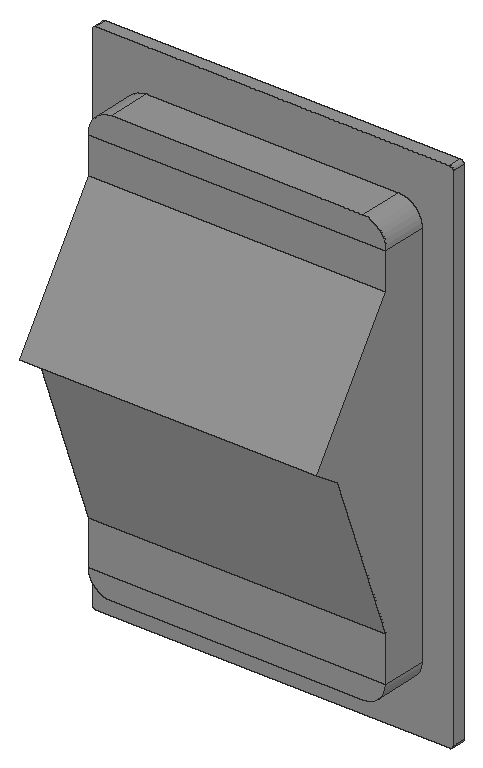
Revit family "L&L_LUCE&LIGHT_PASITO_MINI_1.1", category Lighting Fixtures, host Wall, Revit 2018 (continued)
Parameters (values of type "PASITO_MINI_1.1 – 60°")
    .29 9.02 8.75 8.50 8.29 8.13 7.98 \r\n7.83 7.65 7.45 7.28 7.12 6.98 6.81 6.62 6.45 6.28 6.12 \r\n5.95 5.77 5.61 5.45 5.28 5.11 4.94 4.79 4.62 4.46 4.31 \r\n4.15 3.98 3.83 3.66 3.51 3.36 3.21 3.06 2.92 2.78 2.64 \r\n2.49 2.36 2.24 2.11 1.98 1.85 1.73 1.61 1.49 1.37 1.26 \r\n1.16 1.06 0.96 0.86 0.77 0.68 0.60 0.51 0.43 0.35 0.27 \r\n0.20 0.13 0.06 0.02 0.02 \r\n0.01 0.07 0.33 0.85 1.33 1.59 2.00 2.72 3.61 4.70 6.13 \r\n7.90 9.72 11.86 14.65 17.90 21.69 26.22 31.29 36.88 42.92 \r\n48.75 53.54 56.97 59.28 61.23 63.09 64.94 66.56 68.08 \r\n69.76 71.37 72.83 74.07 75.32 76.66 77.80 78.78 79.76 \r\n80.67 81.43 82.06 82.64 83.10 83.46 83.74 83.80 83.77 \r\n83.78 83.74 83.50 83.00 82.36 81.66 80.90 80.08 79.20 \r\n78.23 77.16 76.00 74.73 73.30 71.76 70.19 68.58 66.88 \r\n65.09 63.23 61.27 59.21 57.03 54.72 52.31 49.82 47.23 \r\n44.57 41.89 39.25 36.68 34.24 31.96 29.88 27.98 26.27 \r\n24.72 23.34 22.09 20.97 19.96 19.04 18.21 17.45 16.74 \r\n16.08 15.44 14.82 14.23 13.67 13.15 12.67 12.22 11.81 \r\n11.42 11.06 10.73 10.42 10.15 9.90 9.68 9.48 9.29 9.10 \r\n8.89 8.65 8.38 8.12 7.89 7.71 7.57 7.43 7.27 7.10 6.94 \r\n6.80 6.66 6.51 6.34 6.18 6.04 5.89 5.73 5.55 5.40 5.27 \r\n5.11 4.94 4.80 4.65 4.49 4.35 4.20 4.05 3.90 3.76 3.61 \r\n3.47 3.34 3.19 3.05 2.92 2.78 2.65 2.53 2.40 2.27 2.15 \r\n2.03 1.91 1.80 1.68 1.58 1.46 1.35 1.25 1.15 1.06 0.96 \r\n0.87 0.79 0.70 0.62 0.55 0.47 0.39 0.32 0.25 0.18 0.11 \r\n0.05 0.02 0.02 \r\n0.01 0.07 0.27 0.73 1.20 1.50 1.76 2.25 2.98 3.80 4.83 \r\n6.14 7.76 9.45 11.30 13.74 16.57 19.71 23.54 27.96 32.63 \r\n37.73 42.90 47.67 51.58 54.44 56.50 57.94 59.13 60.32 \r\n61.44 62.46 63.53 64.62 65.53 66.24 66.88 67.61 68.34 \r\n68.91 69.26 69.49 69.70 69.89 70.06 70.14 70.07 69.88 \r\n69.64 69.36 68.99 68.47 67.83 67.15 66.46 65.72 64.89 \r\n63.96 62.95 61.87 60.72 59.53 58.31 57.04 55.69 54.34 \r\n52.96 51.47 49.94 48.40 46.82 45.18 43.49 41.77 40.01 \r\n38.20 36.34 34.46 32.60 30.77 29.01 27.33 25.75 24.28 \r\n22.94 21.71 20.58 19.55 18.61 17.75 16.96 16.24 15.57 \r\n14.93 14.32 13.73 13.16 12.62 12.11 11.64 11.20 10.79 \r\n10.41 10.06 9.74 9.45 9.18 8.95 8.73 8.52 8.30 8.06 7.82 \r\n7.57 7.35 7.17 7.04 6.93 6.80 6.65 6.50 6.36 6.24 6.10 \r\n5.94 5.80 5.67 5.54 5.38 5.23 5.10 4.98 4.83 4.69 4.55 \r\n4.42 4.28 4.15 4.02 3.88 3.74 3.61 3.48 3.35 3.21 3.09 \r\n2.97 2.84 2.72 2.59 2.48 2.37 2.25 2.13 2.03 1.92 1.81 \r\n1.70 1.60 1.50 1.40 1.30 1.21 1.12 1.03 0.95 0.86 0.78 \r\n0.71 0.63 0.56 0.49 0.42 0.36 0.29 0.23 0.16 0.10 0.04 \r\n0.02 0.02 \r\n0.01 0.06 0.21 0.59 1.03 1.37 1.58 1.85 2.36 3.01 3.75 \r\n4.66 5.77 7.15 8.67 10.26 12.20 14.54 17.09 19.96 23.38 \r\n27.18 31.34 35.82 40.02 43.76 47.10 49.82 51.81 52.93 \r\n53.29 53.70 54.47 55.21 55.70 56.06 56.38 56.65 56.97 \r\n57.33 57.61 57.64 57.47 57.33 57.25 57.13 56.94 56.63 \r\n56.21 55.76 55.32 54.85 54.31 53.68 53.00 52.27 51.49 \r\n50.72 49.95 49.14 48.27 47.35 46.37 45.36 44.35 43.37 \r\n42.37 41.32 40.20 39.05 37.92 36.79 35.65 34.45 33.22 \r\n31.93 30.63 29.34 28.03 26.72 25.42 24.15 22.90 21.70 \r\n20.57 19.50 18.51 17.60 16.76 15.98 15.27 14.61 14.00 \r\n13.42 12.87 12.33 11.81 11.32 10.84 10.40 9.98 9.59 9.23 \r\n8.90 8.60 8.31 8.04 7.78 7.53 7.28 7.06 6.85 6.67 6.52 \r\n6.40 6.29 6.18 6.06 5.93 5.82 5.69 5.56 5.43 5.31 5.19 \r\n5.06 4.94 4.82 4.70 4.58 4.45 4.33 4.22 4.10 3.98 3.86 \r\n3.74 3.62 3.50 3.38 3.26 3.14 3.03 2.92 2.81 2.69 2.59 \r\n2.49 2.39 2.28 2.18 2.07 1.98 1.88 1.78 1.67 1.58 1.50 \r\n1.40 1.32 1.23 1.15 1.07 0.99 0.91 0.83 0.76 0.69 0.62 \r\n0.55 0.49 0.43 0.37 0.32 0.26 0.20 0.14 0.08 0.04 0.02 \r\n0.02 \r\n0.01 0.06 0.15 0.44 0.85 1.20 1.44 1.61 1.86 2.27 2.80 \r\n3.43 4.18 5.08 6.18 7.42 8.72 10.16 11.87 13.81 15.91 \r\n18.28 20.95 23.75 26.69 29.87 33.01 35.68 37.75 39.22 \r\n40.09 40.49 40.46 40.22 40.17 40.33 40.40 40.26 40.04 \r\n39.89 39.84 39.75 39.57 39.35 39.09 38.76 38.43 38.19 \r\n38.01 37.78 37.44 37.07 36.70 36.30 35.89 35.47 35.01 \r\n34.48 33.93 33.45 32.99 32.52 31.98 31.42 30.86 30.30 \r\n29.69 29.05 28.38 27.71 27.04 26.37 25.67 24.95 24.23 \r\n23.49 22.75 21.98 21.19 20.38 19.56 18.74 17.93 17.15 \r\n16.40 15.68 15.00 14.35 13.73 13.16 12.62 12.13 11.67 \r\n11.23 10.82 10.41 10.02 9.63 9.25 8.88 8.53 8.18 7.86 \r\n7.54 7.24 6.95 6.67 6.42 6.19 6.00 5.85 5.72 5.62 5.52 \r\n5.43 5.34 5.24 5.13 5.03 4.92 4.82 4.71 4.61 4.51 4.41 \r\n4.31 4.20 4.10 4.00 3.89 3.79 3.68 3.58 3.48 3.37 3.27 \r\n3.17 3.07 2.98 2.88 2.77 2.68 2.58 2.49 2.39 2.30 2.21 \r\n2.13 2.04 1.96 1.87 1.78 1.69 1.60 1.52 1.44 1.36 1.28 \r\n1.21 1.13 1.05 0.98 0.91 0.84 0.78 0.72 0.65 0.59 0.53 \r\n0.48 0.42 0.37 0.32 0.27 0.22 0.17 0.12 0.07 0.03 0.02 \r\n0.02 \r\n0.01 0.05 0.13 0.33 0.64 0.97 1.24 1.43 1.59 1.77 2.04 \r\n2.42 2.91 3.49 4.18 4.99 5.91 6.89 7.86 8.92 10.16 11.55 \r\n13.02 14.51 16.14 17.80 19.37 20.81 22.16 23.21 23.76 \r\n23.83 23.65 23.53 23.52 23.54 23.56 23.50 23.42 23.41 \r\n23.36 23.25 23.12 23.04 22.94 22.83 22.72 22.62 22.50 \r\n22.33 22.12 21.94 21.76 21.61 21.45 21.28 21.07 20.84 \r\n20.58 20.33 20.09 19.88 19.65 19.41 19.14 18.85 18.53 \r\n18.19 17.83 17.47 17.11 16.76 16.42 16.07 15.71 15.32 \r\n14.93 14.53 14.12 13.72 13.31 12.92 12.53 12.15 11.77 \r\n11.40 11.05 10.70 10.36 10.04 9.73 9.43 9.15 8.87 8.60 \r\n8.32 8.04 7.76 7.47 7.17 6.87 6.58 6.29 6.01 5.74 5.49 \r\n5.27 5.08 4.93 4.82 4.73 4.66 4.59 4.53 4.46 4.38 4.30 \r\n4.22 4.13 4.04 3.96 3.87 3.79 3.71 3.62 3.54 3.45 3.37 \r\n3.29 3.21 3.12 3.03 2.95 2.86 2.77 2.69 2.61 2.53 2.45 \r\n2.37 2.29 2.21 2.13 2.06 1.98 1.90 1.83 1.75 1.68 1.61 \r\n1.54 1.47 1.40 1.33 1.26 1.19 1.13 1.06 1.00 0.94 0.88 \r\n0.82 0.76 0.70 0.65 0.59 0.54 0.49 0.44 0.39 0.35 0.31 \r\n0.27 0.22 0.18 0.14 0.09 0.05 0.03 0.02 0.02 \r\n0.01 0.04 0.10 0.21 0.43 0.70 0.95 1.16 1.34 1.49 1.61 \r\n1.77 1.97 2.27 2.66 3.11 3.61 4.17 4.79 5.50 6.22 6.95 \r\n7.68 8.42 9.12 10.00 10.78 11.44 12.00 12.38 12.61 12.73 \r\n12.80 12.91 12.97 12.99 12.95 12.92 12.96 13.05 13.14 \r\n13.19 13.19 13.17 13.18 13.18 13.20 13.18 13.15 13.11 \r\n13.07 13.02 12.96 12.89 12.80 12.74 12.66 12.60 12.52 \r\n12.43 12.33 12.21 12.08 11.94 11.79 11.63 11.47 11.29 \r\n11.11 10.94 10.76 10.58 10.39 10.21 10.03 9.84 9.66 9.48 \r\n9.31 9.13 8.95 8.78 8.60 8.43 8.25 8.08 7.91 7.74 7.57 \r\n7.40 7.23 7.07 6.90 6.73 6.54 6.34 6.13 5.90 5.66 5.41 \r\n5.14 4.88 4.63 4.41 4.23 4.10 4.01 3.95 3.90 3.86 3.80 \r\n3.74 3.67 3.60 3.53 3.46 3.39 3.33 3.26 3.20 3.13 3.06 \r\n2.99 2.92 2.85 2.79 2.73 2.67 2.60 2.53 2.46 2.40 2.34 \r\n2.27 2.20 2.14 2.07 2.01 1.95 1.89 1.82 1.76 1.69 1.63 \r\n1.57 1.51 1.45 1.39 1.34 1.28 1.23 1.17 1.11 1.06 1.00 \r\n0.95 0.90 0.84 0.79 0.74 0.69 0.65 0.60 0.56 0.51 0.47 \r\n0.43 0.39 0.35 0.31 0.27 0.24 0.21 0.18 0.14 0.11 0.07 \r\n0.04 0.02 0.02 0.02 \r\n0.01 0.04 0.08 0.15 0.25 0.43 0.60 0.79 0.97 1.13 1.28 \r\n1.40 1.52 1.62 1.74 1.90 2.09 2.33 2.59 2.90 3.23 3.61 \r\n4.00 4.42 4.80 5.20 5.53 5.84 6.07 6.25 6.37 6.47 6.55 \r\n6.63 6.69 6.72 6.75 6.79 6.87 6.96 7.04 7.12 7.17 7.22 \r\n7.27 7.32 7.39 7.44 7.49 7.51 7.53 7.54 7.56 7.58 7.62 \r\n7.64 7.64 7.63 7.62 7.61 7.60 7.58 7.55 7.50 7.44 7.37 \r\n7.29 7.22 7.14 7.07 6.99 6.91 6.82 6.73 6.64 6.55 6.45 \r\n6.35 6.26 6.16 6.07 5.97 5.88 5.78 5.68 5.57 5.47 5.37 \r\n5.27 5.16 5.05 4.93 4.81 4.68 4.54 4.39 4.23 4.07 3.90 \r\n3.75 3.62 3.50 3.41 3.33 3.27 3.21 3.15 3.09 3.03 2.97 \r\n2.91 2.85 2.80 2.74 2.69 2.63 2.58 2.52 2.47 2.41 2.36 \r\n2.31 2.26 2.21 2.16 2.10 2.05 2.00 1.95 1.90 1.85 1.80 \r\n1.74 1.69 1.64 1.59 1.55 1.51 1.46 1.41 1.36 1.32 1.27 \r\n1.23 1.18 1.14 1.09 1.05 1.00 0.96 0.92 0.88 0.84 0.80 \r\n0.75 0.71 0.67 0.63 0.59 0.56 0.52 0.48 0.45 0.42 0.39 \r\n0.35 0.32 0.29 0.26 0.23 0.20 0.18 0.15 0.13 0.10 0.08 \r\n0.05 0.03 0.02 0.02 0.02 \r\n0.01 0.03 0.06 0.09 0.15 0.22 0.28 0.39 0.50 0.62 0.74 \r\n0.86 0.97 1.08 1.18 1.28 1.37 1.46 1.55 1.64 1.74 1.84 \r\n1.96 2.09 2.24 2.39 2.50 2.57 2.63 2.67 2.68 2.74 2.80 \r\n2.85 2.90 2.95 2.99 3.03 3.09 3.14 3.19 3.25 3.31 3.37 \r\n3.44 3.50 3.56 3.61 3.64 3.67 3.70 3.73 3.76 3.79 3.81 \r\n3.83 3.84 3.85 3.85 3.86 3.87 3.87 3.87 3.87 3.86 3.85 \r\n3.84 3.83 3.81 3.79 3.77 3.74 3.71 3.68 3.64 3.61 3.57 \r\n3.54 3.50 3.46 3.42 3.37 3.33 3.29 3.24 3.19 3.14 3.09 \r\n3.04 2.98 2.93 2.87 2.82 2.77 2.72 2.68 2.63 2.59 2.55 \r\n2.51 2.47 2.43 2.39 2.35 2.31 2.26 2.22 2.18 2.14 2.09 \r\n2.05 2.01 1.97 1.93 1.89 1.85 1.80 1.76 1.72 1.68 1.64 \r\n1.60 1.56 1.52 1.49 1.45 1.41 1.38 1.34 1.31 1.27 1.24 \r\n1.20 1.16 1.13 1.09 1.06 1.03 0.99 0.96 0.93 0.90 0.86 \r\n0.83 0.80 0.77 0.74 0.71 0.67 0.64 0.61 0.59 0.56 0.53 \r\n0.51 0.48 0.45 0.42 0.40 0.37 0.35 0.32 0.30 0.28 0.25 \r\n0.23 0.21 0.19 0.17 0.15 0.13 0.11 0.10 0.08 0.06 0.05 \r\n0.04 0.03 0.02 0.02 0.02 \r\n0.01 0.02 0.04 0.06 0.08 0.10 0.12 0.15 0.18 0.21 0.24 \r\n0.26 0.30 0.36 0.41 0.46 0.51 0.56 0.60 0.65 0.71 0.77 \r\n0.83 0.88 0.94 0.98 1.01 1.04 1.08 1.11 1.15 1.18 1.21 \r\n1.23 1.26 1.28 1.31 1.35 1.38 1.42 1.45 1.49 1.51 1.53 \r\n1.55 1.57 1.59 1.61 1.63 1.65 1.66 1.68 1.69 1.70 1.71 \r\n1.72 1.73 1.75 1.76 1.77 1.78 1.78 1.78 1.77 1.77 1.76 \r\n1.75 1.75 1.75 1.75 1.75 1.74 1.73 1.72 1.71 1.70 1.69 \r\n1.67 1.66 1.65 1.64 1.62 1.61 1.60 1.58 1.57 1.55 1.53 \r\n1.51 1.50 1.48 1.47 1.46 1.45 1.43 1.42 1.40 1.38 1.36 \r\n1.34 1.33 1.31 1.29 1.28 1.26 1.25 1.23 1.20 1.18 1.16 \r\n1.13 1.11 1.09 1.07 1.05 1.03 1.01 0.98 0.96 0.94 0.92 \r\n0.89 0.87 0.85 0.83 0.81 0.79 0.77 0.75 0.73 0.71 0.69 \r\n0.67 0.64 0.62 0.60 0.58 0.56 0.54 0.53 0.51 0.49 0.47 \r\n0.46 0.44 0.42 0.41 0.39 0.37 0.35 0.33 0.32 0.30 0.28 \r\n0.27 0.25 0.24 0.22 0.21 0.20 0.18 0.17 0.15 0.14 0.13 \r\n0.11 0.10 0.09 0.08 0.07 0.06 0.06 0.05 0.04 0.04 0.03 \r\n0.03 0.02 0.02 0.02 0.02 \r\n0.01 0.02 0.02 0.02 0.03 0.03 0.03 0.04 0.04 0.04 0.05 \r\n0.05 0.05 0.06 0.06 0.07 0.07 0.07 0.08 0.08 0.09 0.09 \r\n0.10 0.10 0.10 0.11 0.11 0.12 0.12 0.13 0.13 0.14 0.14 \r\n0.15 0.15 0.16 0.16 0.16 0.17 0.17 0.18 0.18 0.19 0.19 \r\n0.19 0.20 0.20 0.21 0.21 0.21 0.22 0.22 0.23 0.23 0.23 \r\n0.24 0.24 0.25 0.25 0.25 0.26 0.26 0.26 0.27 0.27 0.27 \r\n0.28 0.28 0.28 0.29 0.29 0.29 0.30 0.30 0.30 0.31 0.31 \r\n0.31 0.31 0.31 0.32 0.32 0.32 0.32 0.32 0.32 0.33 0.33 \r\n0.33 0.33 0.33 0.33 0.33 0.33 0.33 0.33 0.33 0.33 0.33 \r\n0.33 0.33 0.33 0.32 0.32 0.32 0.32 0.32 0.31 0.31 0.31 \r\n0.31 0.30 0.30 0.30 0.29 0.29 0.29 0.28 0.28 0.28 0.27 \r\n0.27 0.26 0.26 0.25 0.25 0.24 0.24 0.23 0.23 0.23 0.22 \r\n0.22 0.21 0.21 0.20 0.20 0.19 0.19 0.18 0.18 0.17 0.17 \r\n0.16 0.16 0.15 0.15 0.14 0.14 0.13 0.13 0.12 0.12 0.11 \r\n0.11 0.10 0.10 0.09 0.09 0.08 0.08 0.07 0.07 0.06 0.06 \r\n0.05 0.05 0.04 0.04 0.03 0.03 0.03 0.02 0.02 0.02 0.02 \r\n0.02 0.02 0.02 0.02 0.02 \r\n"
  Model = "PASITO MINI 1.1"
  built-in parameter 1150137 = (empty or 0)
  built-in parameter 1150132 = (empty or 0)
  built-in parameter 1150105 = 59.103 (stored number, unit not read)
  built-in parameter 1150102 = (empty or 0)
  built-in parameter 1150106 = 0.59103 (stored number, unit not read)
  Lumens = 742.71 lm
  Color Filter = 16777215
  Photometric Web File = "PASITO MINI 1.1 BE 60° [2700K 5W 24Vdc] white.IES"
  built-in parameter 1114217 = 1 (stored number, unit not read)
  built-in parameter 1150139 = (empty or 0)
  built-in parameter 1150104 = 13.8 (stored number, unit not read)
  built-in parameter 1150115 = 1 (stored number, unit not read)
  built-in parameter 1150114 = 1 (stored number, unit not read)
  built-in parameter 1150113 = 1 (stored number, unit not read)
  Description = "step light for outdoor applications; recessed (wall)"
  built-in parameter 1150134 = (empty or 0)
  built-in parameter 1150138 = (empty or 0)
  Tilt Angle = 90.00°
  BODY MATERIAL = ALUMINIUM
  BIM USER MANUAL = "https://img.edilportale.com/bim/LUCE-LIGHT-BIM-user-manual-en-L-L-Luce-Light-bim.pdf"
  BIM BADGE = "https://bim.archiproducts.com/it/badge/bim-archiproducts-featured_658700/about"
  BIM AUTHOR = "https://bim.archiproducts.com"
  built-in parameter 1150133 = 10 (stored number, unit not read)
  ACCESSORIES = "outer casing - https://www.lucelight.it/media/accessori/dxf/wc1420.dxf"
Reference planes
  plane 1: y = 0
  plane 2 "Centro (Sinistra/Destra)": x = 125
  plane 3 "Indietro": y = 74.988
  plane 4: z = 143
  plane 5: z = 134.137
  plane 6: z = 9.137
  plane 7: x = 167.5
  plane 8: x = 82.5
  plane 9: through (-8600, 61.089, 97.765) normal (0, -0.5592, -0.829)
  plane 10: through (-8600, 87.056, 96.92) normal (0, -0.829, 0.5592)
Forms (mm)
  Extrusion 1, void
    sketch origin (86.735, 74.988, 124.762) x (0, -1, 0) y (0, 0, -1)
      loop
        line (23.888, 42.739) -> (0, 106.186) -> (0, 7.324) -> (23.888, 42.739)
    from 0 to 76.53
  Extrusion 2, void
    sketch origin (0, 74.988, -0.156) x (1, 0, 0) y (0, 0, 1)
      loop
        line (167.5, 134.294) -> (82.5, 134.294) -> (82.5, 9.294) -> (167.5, 9.294) -> (167.5, 134.294)
    from 0 to 39.5
  Extrusion 3, void
    sketch origin (125, 0, 0) x (0, 1, 0) y (0, 0, 1)
      loop
        line (51.098, 82.953) -> (74.988, 19.793) -> (74.988, 118.371) -> (51.098, 82.953)
    from -39.476 to 39.476
Lines and regions (mm)
  model lines, detail levels coarse
    curve 1: circle (124.996, 62.738, 0) r 39 normal (0, 0, 1)
    curve 2: line (152.573, 35.161, 0) -> (97.419, 90.315, 0)
    curve 3: line (97.491, 35.09, 0) -> (152.645, 90.244, 0)
    curve 4: circle (124.993, 74.988, 96.268) r 39 normal (0, -1, 0)
    curve 5: line (152.57, 74.988, 123.845) -> (97.416, 74.988, 68.691)
    curve 6: line (97.416, 74.988, 123.845) -> (152.57, 74.988, 68.691)
Text (mm)
  text "Placement side" at (-1867.185, 1116.779, 0), in view "Livello rif."
  text "Placement side" at (0, 1270.507, 3001.832), in view "Sinistra"
  text "Placement side" at (0, 530.812, 2999.686), in view "Destra"
Dimensions and locks
  locked: plane 3 "Indietro" to host wall
  locked: plane 5 to plane 6 at 125
  aligned and locked: plane 1 to host wall
  aligned and locked: plane 3 "Indietro" to nested 1
  aligned and locked: nested 1 to plane 3 "Indietro"
Nested families
  nested 1: "PASITO_MINI_STRUCTURE_1.1" at (125, 74.988, 1.413) x (-1, 0, 0) z (0, 0, 1), BODY MATERIAL <- "BODY MATERIAL", LIGHT_MATERIAL <- "LIGHT MATERIAL", type "PASITO_STRUCTURE", detail levels medium+fine
    with LIGHT_MATERIAL LIGHT_GLASS, BODY MATERIAL ALUMINIUM
Definition of nested family "PASITO_MINI_STRUCTURE_1.1"
  Parameters (values of type "PASITO_MINI_STRUCTURE_1.1")
    LIGHT_MATERIAL [instance] = none
    BODY MATERIAL [instance] = none
  Reference planes
    plane 1 "Center (Front/Back)": y = 0
    plane 2: z = 0
    plane 3 "Center (Left/Right)": x = 0
    plane 4: through (0, 23.89, 82.953) normal (0, -0.829, -0.5592)
    plane 5: z = 142
    plane 6: x = -49.5
    plane 7: x = 49.5
    plane 8: z = 1
  Forms (mm)
    Extrusion 1, solid, material <- "BODY MATERIAL"
      sketch origin (-1.279, 0, -1.413) x (1, 0, 0) y (0, 0, 1)
        loop
          arc (-47.226, 143.073) -> (-47.91, 142.798) -> (-48.221, 142.126) r 0.987
          line (-48.221, 142.126) -> (-48.212, 0.947)
          arc (-48.212, 0.947) -> (-47.91, 0.275) -> (-47.226, 0) r 0.987
          line (-47.226, 0) -> (49.793, 0)
          arc (49.793, 0) -> (50.49, 0.289) -> (50.779, 0.987) r 0.987
          line (50.779, 0.987) -> (50.779, 142.087)
          arc (50.779, 142.087) -> (50.49, 142.784) -> (49.793, 143.073) r 0.987
          line (49.793, 143.073) -> (-47.226, 143.073)
        loop
          line (40.755, 10.54) -> (40.755, 93.853)
          arc (40.755, 93.853) -> (40.315, 94.913) -> (39.255, 95.352) r 1.5
          line (39.255, 95.352) -> (-36.697, 95.352)
          arc (-36.697, 95.352) -> (-37.758, 94.913) -> (-38.197, 93.853) r 1.5
          line (-38.197, 93.853) -> (-38.197, 10.54) -> (40.755, 10.54)
      from 0 to 3.5
    Extrusion 2, solid, material <- "BODY MATERIAL"
      sketch origin (0, 0, -1.413) x (0, 1, 0) y (0, 0, 1)
        loop
          line (-3.5, 10.54) -> (0, 10.54) -> (0, 18.179) -> (12.25, 18.179) -> (12.25, 30.631) -> (28.621, 75.007) -> (35.768, 79.828) -> (12.25, 114.695) -> (12.25, 124.697) -> (-3.5, 124.697) -> (-3.5, 10.54)
      from -40.754 to 40.757
    Extrusion 3, solid, material <- "LIGHT_MATERIAL"
      sketch origin (0, 23.89, 82.953) x (0, 0.559193, -0.829038) y (-1, 0, 0)
        loop
          arc (-16.695, 24.405) -> (-30.515, 0.01) -> (-16.695, -24.385) r 28.441
          arc (-16.695, -24.385) -> (-2.876, 0.01) -> (-16.695, 24.405) r 28.441
      from -2.69 to -0.79
    Extrusion 4, void
      sketch origin (0, 0, 0) x (0, 1, 0) y (0, 0, 1)
        loop
          line (0, 116.958) -> (0, 123.306) -> (-3.5, 123.306) -> (-3.5, 9.127) -> (23.89, 81.54) -> (0, 116.958)
      from -39.476 to 39.476
    Extrusion 5, solid, material <- "BODY MATERIAL"
      sketch origin (-1.279, -3.5, -1.413) x (1, 0, 0) y (0, 0, 1)
        loop
          line (35.779, 131.474) -> (-33.175, 131.474)
          arc (-33.175, 131.474) -> (-37.802, 129.458) -> (-39.475, 124.697) r 6.316
          line (-39.475, 124.697) -> (42.031, 124.697)
          arc (42.031, 124.697) -> (40.397, 129.462) -> (35.779, 131.474) r 6.25
        loop
          arc (35.779, 12.345) -> (40.064, 14.023) -> (42.039, 18.179) r 6.25
          line (42.039, 18.179) -> (-39.473, 18.179)
          arc (-39.473, 18.179) -> (-37.468, 14.028) -> (-33.175, 12.345) r 6.316
          line (-33.175, 12.345) -> (35.779, 12.345)
      from -15.75 to -3.5
  Cuts and joins
    Extrusion 4 cuts Extrusion 2
    joined: Extrusion 1, Extrusion 2
  Dimensions and locks
    plane 5 to plane 8 = 141.0 mm
    plane 3 "Center (Left/Right)" to plane 6 = 49.5 mm
    plane 7 to plane 3 "Center (Left/Right)" = 49.5 mm
    aligned and locked: level to plane 2
